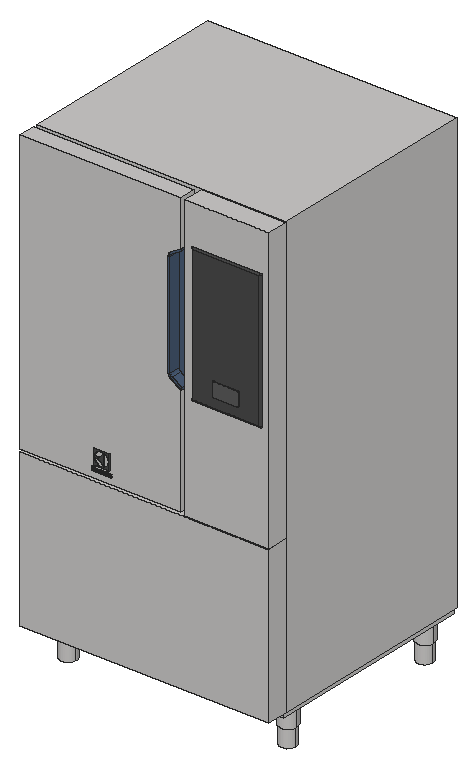
Revit family "QF_ELECTROLUXPROFESSIONAL_727735_EBFA11A", category Specialty Equipment, Revit 2018
Family settings
  Round Connector Dimension = Use Diameter
  Part Type = Normal
  Work Plane-Based = No
  Always vertical = Yes
  Cut with Voids When Loaded = No
  Shared = No
  Room Calculation Point = No
Parameters
  Weight = 0.00 kg
  Watts = 0 W
  Volts = 380 V
  URL Manufacturer = "http://professional.electrolux.com"
  URL = "http://professional.electrolux.com"
  Steam Supply Size = 0 mm
  Steam Supply Minimum Pressure = 0.0 Pa
  Steam Supply Maximum Pressure = 0.0 Pa
  Steam Pounds per Hour = 0
  Show Logo [instance] = yes
  Show Clearance [instance] = yes
  Refrigeration Suction Line Size = 0 mm
  Refrigeration Liquid Line Size = 0 mm
  Refrigerant Compressor Remote = yes
  Manufacturer = "Electrolux"
  Phase = 3
  Model = "EBFA11A"
  Length Actual = 895 mm  # constant formula
  Item Number = "727735"
  Hot Water Size = 0 mm
  Height Actual = 1731 mm  # constant formula
  HP = "5.6 HP"
  Gas Size = 0 mm
  Gas KW = 0
  Gas Input Pressure = 0 W
  Direct Waste Size = 139.7 mm
  Description = "BLAST CHILL/FRE 50KG 10GN1/1-60HZ LW-USB"
  Depth Actual = 939 mm  # constant formula
  Cycle = 60 Hz
  Condensate Return Size = 0 mm
  Compressed Air Volume = 0.0 L/s
  Compressed Air Size = 0 mm
  Compressed Air Pressure = 0.0 Pa
  Cold Water Size = 0 mm
  Accessory = yes
Reference planes
  plane 1 "Center X": y = 126.351
  plane 2: z = 0
  plane 3 "Center Y": x = -311.5
  plane 4 "LEFT": x = -759
  plane 5 "BACK": y = 547.851
  plane 6 "RIGHT": x = 136
  plane 7 "FRONT": y = -295.149
  plane 8: z = 130
  plane 9 "TOP": z = 1731
  plane 10: x = -707
  plane 11: y = 471.851
  plane 12: x = 84
  plane 13: y = -144.149
  plane 14: y = 639.851
  plane 15: y = -834.149
Forms (mm)
  Extrusion 1, solid, material "QF_Finishes_Stainless Steel"
    sketch origin (0, 0, 1731) x (-1, 0, 0) y (0, -1, 0)
      loop
        line (759, -547.851) -> (759, 219.149) -> (-136, 219.149) -> (-136, -547.851) -> (759, -547.851)
    from 0 to -1581
  Extrusion 2, solid, material "QF_Finishes_Stainless Steel"
    sketch origin (-759, -0.954, 258.709) x (0, 1, 0) y (0, 0, 1)
      loop
        line (548.805, 694.306) -> (548.805, 392.314) -> (633.5, 399.789)
        arc (633.5, 399.789) -> (638.702, 402.354) -> (640.805, 407.759) r 8
        line (640.805, 407.759) -> (640.805, 433.233)
        arc (640.805, 433.233) -> (636.783, 442.547) -> (640.805, 451.86) r 12.795
        line (640.805, 451.86) -> (640.805, 483.24)
        arc (640.805, 483.24) -> (636.783, 492.554) -> (640.805, 501.867) r 12.795
        line (640.805, 501.867) -> (640.805, 533.247)
        arc (640.805, 533.247) -> (636.783, 542.56) -> (640.805, 551.874) r 12.795
        line (640.805, 551.874) -> (640.805, 583.254)
        arc (640.805, 583.254) -> (636.783, 592.567) -> (640.805, 601.881) r 12.795
        line (640.805, 601.881) -> (640.805, 634.796)
        arc (640.805, 634.796) -> (639.466, 639.795) -> (635.808, 643.455) r 10
        line (635.808, 643.455) -> (548.805, 694.306)
    from 618.187 to 801.865
  Extrusion 3, solid, material "QF_Finishes_Stainless Steel"
    sketch origin (-54.727, 547.851, 2066) x (1, 0, 0) y (0, 0, -1)
      loop
        circle (121.727, 1473) r 10.5
    from 0 to 29
  Extrusion 4, solid, material "QF_Finishes_Stainless Steel"
    sketch origin (-1206.916, -1524, 130) x (-1, 0, 0) y (0, -1, 0)
      loop
        line (-447.916, -1228.851) -> (-1342.916, -1228.851) -> (-1342.916, -1303.851) -> (-447.916, -1303.851) -> (-447.916, -1228.851)
    from 580 to 20.02
  Extrusion 5, solid, material "QF_Finishes_Stainless Steel"
    sketch origin (-1206.916, -1524, 130) x (-1, 0, 0) y (0, -1, 0)
      loop
        line (-456.916, -2071.851) -> (-456.916, -1306.851) -> (-1333.916, -1306.851) -> (-1333.916, -2071.851) -> (-456.916, -2071.851)
    from 20 to 0
  Extrusion 6, solid, material "QF_Finishes_Stainless Steel"
    sketch origin (-1206.916, -1524, 130) x (0, -1, 0) y (-1, 0, 0)
      loop
        circle (-1673.851, -847.916) r 9.5
    from 0 to 31.68
  Extrusion 7, void
    sketch origin (1, 0, 1731) x (-1, 0, 0) y (0, -1, 0)
      loop
        line (132.09, -639.851) -> (141.813, -639.851) -> (141.813, -547.851) -> (140.183, -547.851) -> (132.09, -639.851)
      loop
        line (-40.234, -547.851) -> (-41.865, -547.851) -> (-41.865, -639.851) -> (-32.141, -639.851) -> (-40.234, -547.851)
    from -1080 to -770
  Extrusion 8, solid, material "QF_Finishes_Stainless Steel"
    sketch origin (-623, -295.149, 0) x (1, 0, 0) y (0, 0, -1)
      loop
        line (442.2, -1731) -> (442.2, -1568.97) -> (405.947, -1544.888)
        arc (405.947, -1544.888) -> (399.716, -1538.041) -> (397.46, -1529.062) r 19
        line (397.46, -1529.062) -> (397.46, -1154.149)
        arc (397.46, -1154.149) -> (399.839, -1144.688) -> (406.41, -1137.479) r 20
        line (406.41, -1137.479) -> (442.2, -1113.756) -> (442.2, -719.524) -> (-136, -719.524) -> (-136, -1731) -> (442.2, -1731)
    from 0 to 60
  Extrusion 9, solid, material "QF_Finishes_Stainless Steel"
    sketch origin (-623, 0, 1060.038) x (1, 0, 0) y (0, 1, 0)
      loop
        line (759, -295.149) -> (759, -220.149) -> (457, -220.149) -> (457, -295.149) -> (759, -295.149)
    from 670.962 to -349
  Extrusion 10, solid, material "QF_Door-Drawer Clearances", visible <- "Show Clearance", detail levels coarse
    sketch origin (-623, 0, 1060.038) x (1, 0, 0) y (0, 1, 0)
      loop
        line (-82, -295.149) -> (-82, -831.649)
        arc (-82, -831.649) -> (284.195, -665.108) -> (442.2, -295.149) r 556
        line (442.2, -295.149) -> (-82, -295.149)
    from -340.514 to 670.962
  Extrusion 11, solid, material "QF_Finishes_Stainless Steel"
    sketch origin (-632, -235.149, 600.072) x (1, 0, 0) y (0, 0, -1)
      loop
        line (406.46, -554.076) -> (406.46, -928.989)
        arc (406.46, -928.989) -> (408.716, -937.969) -> (414.947, -944.816) r 19
        line (414.947, -944.816) -> (451.2, -968.898) -> (451.2, -513.683) -> (415.41, -537.406)
        arc (415.41, -537.406) -> (408.839, -544.616) -> (406.46, -554.076) r 20
    from -21 to 0
  Extrusion 12, solid, material "QF_Finishes_Electrolux_Blue"
    sketch origin (-632, -295.149, 600.072) x (-1, 0, 0) y (0, 0, -1)
      loop
        line (-451.2, -968.898) -> (-414.947, -944.816)
        arc (-414.947, -944.816) -> (-408.716, -937.969) -> (-406.46, -928.989) r 19
        line (-406.46, -928.989) -> (-406.46, -554.076)
        arc (-406.46, -554.076) -> (-408.839, -544.616) -> (-415.41, -537.406) r 20
        line (-415.41, -537.406) -> (-451.2, -513.683) -> (-453.7, -513.683) -> (-453.7, -519.824) -> (-419.001, -542.824)
        arc (-419.001, -542.824) -> (-414.566, -547.691) -> (-412.96, -554.076) r 13.5
        line (-412.96, -554.076) -> (-412.96, -928.989)
        arc (-412.96, -928.989) -> (-414.444, -934.897) -> (-418.543, -939.401) r 12.5
        line (-418.543, -939.401) -> (-453.7, -962.755) -> (-453.7, -968.898) -> (-451.2, -968.898)
    from -39 to 1
  Extrusion 13, void
    sketch origin (136, -219.149, 1731) x (1, 0, 0) y (0, 0, -1)
      loop
        line (-366.8, 60) -> (-366.8, 962) -> (-834, 962) -> (-834, 60) -> (-366.8, 60)
    from 0 to 705
  Extrusion 14, solid, material "QF_Door-Drawer Clearances", visible <- "Show Clearance", detail levels coarse
    sketch origin (-765, -389.449, 0) x (0, -1, 0) y (0, 0, -1)
      loop
        line (442.2, -1731) -> (442.2, -1568.97) -> (405.947, -1544.888)
        arc (405.947, -1544.888) -> (399.716, -1538.041) -> (397.46, -1529.062) r 19
        line (397.46, -1529.062) -> (397.46, -1154.149)
        arc (397.46, -1154.149) -> (399.839, -1144.688) -> (406.41, -1137.479) r 20
        line (406.41, -1137.479) -> (442.2, -1113.756) -> (442.2, -719.524) -> (-94.3, -719.524) -> (-94.3, -1731) -> (442.2, -1731)
    from 0 to 60
  Extrusion 15, solid, material "QF_Door-Drawer Clearances", visible <- "Show Clearance", detail levels coarse
    sketch origin (-705, -380.449, 600.072) x (0, -1, 0) y (0, 0, -1)
      loop
        line (406.46, -554.076) -> (406.46, -928.989)
        arc (406.46, -928.989) -> (408.716, -937.969) -> (414.947, -944.816) r 19
        line (414.947, -944.816) -> (451.2, -968.898) -> (451.2, -513.683) -> (415.41, -537.406)
        arc (415.41, -537.406) -> (408.839, -544.616) -> (406.46, -554.076) r 20
    from -21 to 0
  Extrusion 16, solid, material "QF_Door-Drawer Clearances", visible <- "Show Clearance", detail levels coarse
    sketch origin (-765, -380.449, 600.072) x (0, 1, 0) y (0, 0, -1)
      loop
        line (-451.2, -968.898) -> (-414.947, -944.816)
        arc (-414.947, -944.816) -> (-408.716, -937.969) -> (-406.46, -928.989) r 19
        line (-406.46, -928.989) -> (-406.46, -554.076)
        arc (-406.46, -554.076) -> (-408.839, -544.616) -> (-415.41, -537.406) r 20
        line (-415.41, -537.406) -> (-451.2, -513.683) -> (-453.7, -513.683) -> (-453.7, -519.824) -> (-419.001, -542.824)
        arc (-419.001, -542.824) -> (-414.566, -547.691) -> (-412.96, -554.076) r 13.5
        line (-412.96, -554.076) -> (-412.96, -928.989)
        arc (-412.96, -928.989) -> (-414.444, -934.897) -> (-418.543, -939.401) r 12.5
        line (-418.543, -939.401) -> (-453.7, -962.755) -> (-453.7, -968.898) -> (-451.2, -968.898)
    from -39 to 1
Cuts and joins
  Extrusion 13 cuts Extrusion 1
  Extrusion 7, Extrusion 13 cuts Extrusion 2
  Extrusion 13 cuts Extrusion 3
  Extrusion 13 cuts Extrusion 5
  Extrusion 13 cuts Extrusion 6
  joined: Extrusion 1, Extrusion 2, Extrusion 3, Extrusion 5, Extrusion 6
  joined: Extrusion 10, Extrusion 14, Extrusion 15, Extrusion 16
Lines and regions (mm)
  Split face 1
    outline origin (594.146, -295.149, -365.12) x (-1, 0, 0) y (0, 0, -1)
      loop
        line (490.638, -548.639) -> (600.654, -548.639) -> (600.654, -543.665) -> (490.638, -543.665) -> (490.638, -548.639)
  Split face 2
    outline origin (594.146, -295.149, -355.62) x (-1, 0, 0) y (0, 0, -1)
      loop
        line (490.638, -548.639) -> (600.654, -548.639) -> (600.654, -543.665) -> (490.638, -543.665) -> (490.638, -548.639)
  Split face 3
    outline origin (594.146, -295.149, -346.12) x (-1, 0, 0) y (0, 0, -1)
      loop
        line (490.638, -548.639) -> (600.654, -548.639) -> (600.654, -543.665) -> (490.638, -543.665) -> (490.638, -548.639)
  Split face 4
    outline origin (594.146, -295.149, -336.62) x (-1, 0, 0) y (0, 0, -1)
      loop
        line (490.638, -548.639) -> (600.654, -548.639) -> (600.654, -543.665) -> (490.638, -543.665) -> (490.638, -548.639)
  Split face 5
    outline origin (594.146, -295.149, -327.12) x (-1, 0, 0) y (0, 0, -1)
      loop
        line (490.638, -548.639) -> (600.654, -548.639) -> (600.654, -543.665) -> (490.638, -543.665) -> (490.638, -548.639)
  Split face 6
    outline origin (594.146, -295.149, -317.619) x (-1, 0, 0) y (0, 0, -1)
      loop
        line (490.638, -548.639) -> (600.654, -548.639) -> (600.654, -543.665) -> (490.638, -543.665) -> (490.638, -548.639)
  Split face 7
    outline origin (594.146, -295.149, -308.119) x (-1, 0, 0) y (0, 0, -1)
      loop
        line (490.638, -548.639) -> (600.654, -548.639) -> (600.654, -543.665) -> (490.638, -543.665) -> (490.638, -548.639)
  Split face 8
    outline origin (594.146, -295.149, -298.619) x (-1, 0, 0) y (0, 0, -1)
      loop
        line (490.638, -548.639) -> (600.654, -548.639) -> (600.654, -543.665) -> (490.638, -543.665) -> (490.638, -548.639)
  Split face 9
    outline origin (594.146, -295.149, -289.119) x (-1, 0, 0) y (0, 0, -1)
      loop
        line (490.638, -548.639) -> (600.654, -548.639) -> (600.654, -543.665) -> (490.638, -543.665) -> (490.638, -548.639)
  Split face 10
    outline origin (594.146, -295.149, -279.619) x (-1, 0, 0) y (0, 0, -1)
      loop
        line (490.638, -548.639) -> (600.654, -548.639) -> (600.654, -543.665) -> (490.638, -543.665) -> (490.638, -548.639)
  Split face 11
    outline origin (594.146, -295.149, -270.119) x (-1, 0, 0) y (0, 0, -1)
      loop
        line (490.638, -548.639) -> (600.654, -548.639) -> (600.654, -543.665) -> (490.638, -543.665) -> (490.638, -548.639)
  Split face 12
    outline origin (594.146, -295.149, -260.619) x (-1, 0, 0) y (0, 0, -1)
      loop
        line (490.638, -548.639) -> (600.654, -548.639) -> (600.654, -543.665) -> (490.638, -543.665) -> (490.638, -548.639)
  Split face 13
    outline origin (594.146, -295.149, -251.119) x (-1, 0, 0) y (0, 0, -1)
      loop
        line (490.638, -548.639) -> (600.654, -548.639) -> (600.654, -543.665) -> (490.638, -543.665) -> (490.638, -548.639)
  Split face 14
    outline origin (594.146, -295.149, -241.619) x (-1, 0, 0) y (0, 0, -1)
      loop
        line (490.638, -548.639) -> (600.654, -548.639) -> (600.654, -543.665) -> (490.638, -543.665) -> (490.638, -548.639)
  Split face 15
    outline origin (594.146, -295.149, -232.119) x (-1, 0, 0) y (0, 0, -1)
      loop
        line (490.638, -548.639) -> (600.654, -548.639) -> (600.654, -543.665) -> (490.638, -543.665) -> (490.638, -548.639)
  Split face 16
    outline origin (594.146, -295.149, -222.619) x (-1, 0, 0) y (0, 0, -1)
      loop
        line (490.638, -548.639) -> (600.654, -548.639) -> (600.654, -543.665) -> (490.638, -543.665) -> (490.638, -548.639)
  Split face 17
    outline origin (594.146, -295.149, -213.119) x (-1, 0, 0) y (0, 0, -1)
      loop
        line (490.638, -548.639) -> (600.654, -548.639) -> (600.654, -543.665) -> (490.638, -543.665) -> (490.638, -548.639)
  Split face 18
    outline origin (594.146, -295.149, -203.619) x (-1, 0, 0) y (0, 0, -1)
      loop
        line (490.638, -548.639) -> (600.654, -548.639) -> (600.654, -543.665) -> (490.638, -543.665) -> (490.638, -548.639)
  Split face 19
    outline origin (594.146, -295.149, -194.118) x (-1, 0, 0) y (0, 0, -1)
      loop
        line (490.638, -548.639) -> (600.654, -548.639) -> (600.654, -543.665) -> (490.638, -543.665) -> (490.638, -548.639)
  Split face 20
    outline origin (594.146, -295.149, -184.618) x (-1, 0, 0) y (0, 0, -1)
      loop
        line (490.638, -548.639) -> (600.654, -548.639) -> (600.654, -543.665) -> (490.638, -543.665) -> (490.638, -548.639)
  Split face 21
    outline origin (594.146, -295.149, -175.118) x (-1, 0, 0) y (0, 0, -1)
      loop
        line (490.638, -548.639) -> (600.654, -548.639) -> (600.654, -543.665) -> (490.638, -543.665) -> (490.638, -548.639)
  Split face 22
    outline origin (594.146, -295.149, -165.618) x (-1, 0, 0) y (0, 0, -1)
      loop
        line (490.638, -548.639) -> (600.654, -548.639) -> (600.654, -543.665) -> (490.638, -543.665) -> (490.638, -548.639)
  Split face 23
    outline origin (594.146, -295.149, -156.118) x (-1, 0, 0) y (0, 0, -1)
      loop
        line (490.638, -548.639) -> (600.654, -548.639) -> (600.654, -543.665) -> (490.638, -543.665) -> (490.638, -548.639)
  Split face 24
    outline origin (594.146, -295.149, -146.618) x (-1, 0, 0) y (0, 0, -1)
      loop
        line (490.638, -548.639) -> (600.654, -548.639) -> (600.654, -543.665) -> (490.638, -543.665) -> (490.638, -548.639)
  Split face 25
    outline origin (594.146, -295.149, -137.118) x (-1, 0, 0) y (0, 0, -1)
      loop
        line (490.638, -548.639) -> (600.654, -548.639) -> (600.654, -543.665) -> (490.638, -543.665) -> (490.638, -548.639)
  Split face 26
    outline origin (594.146, -295.149, -127.618) x (-1, 0, 0) y (0, 0, -1)
      loop
        line (490.638, -548.639) -> (600.654, -548.639) -> (600.654, -543.665) -> (490.638, -543.665) -> (490.638, -548.639)
  Split face 27
    outline origin (594.146, -295.149, -118.118) x (-1, 0, 0) y (0, 0, -1)
      loop
        line (490.638, -548.639) -> (600.654, -548.639) -> (600.654, -543.665) -> (490.638, -543.665) -> (490.638, -548.639)
  Split face 28
    outline origin (594.146, -295.149, -108.618) x (-1, 0, 0) y (0, 0, -1)
      loop
        line (490.638, -548.639) -> (600.654, -548.639) -> (600.654, -543.665) -> (490.638, -543.665) -> (490.638, -548.639)
  Split face 29
    outline origin (594.146, -295.149, -99.118) x (-1, 0, 0) y (0, 0, -1)
      loop
        line (490.638, -548.639) -> (600.654, -548.639) -> (600.654, -543.665) -> (490.638, -543.665) -> (490.638, -548.639)
  Split face 30
    outline origin (594.146, -295.149, -89.618) x (-1, 0, 0) y (0, 0, -1)
      loop
        line (490.638, -548.639) -> (600.654, -548.639) -> (600.654, -543.665) -> (490.638, -543.665) -> (490.638, -548.639)
  Split face 31
    outline origin (594.146, -295.149, -80.117) x (-1, 0, 0) y (0, 0, -1)
      loop
        line (490.638, -548.639) -> (600.654, -548.639) -> (600.654, -543.665) -> (490.638, -543.665) -> (490.638, -548.639)
  Split face 32
    outline origin (594.146, -295.149, -70.617) x (-1, 0, 0) y (0, 0, -1)
      loop
        line (490.638, -548.639) -> (600.654, -548.639) -> (600.654, -543.665) -> (490.638, -543.665) -> (490.638, -548.639)
  Split face 33
    outline origin (594.146, -295.149, -61.117) x (-1, 0, 0) y (0, 0, -1)
      loop
        line (490.638, -548.639) -> (600.654, -548.639) -> (600.654, -543.665) -> (490.638, -543.665) -> (490.638, -548.639)
  Split face 34
    outline origin (594.146, -295.149, -51.617) x (-1, 0, 0) y (0, 0, -1)
      loop
        line (490.638, -548.639) -> (600.654, -548.639) -> (600.654, -543.665) -> (490.638, -543.665) -> (490.638, -548.639)
  Split face 35
    outline origin (594.146, -295.149, -42.117) x (-1, 0, 0) y (0, 0, -1)
      loop
        line (490.638, -548.639) -> (600.654, -548.639) -> (600.654, -543.665) -> (490.638, -543.665) -> (490.638, -548.639)
  Split face 36
    outline origin (594.146, -295.149, -32.617) x (-1, 0, 0) y (0, 0, -1)
      loop
        line (490.638, -548.639) -> (600.654, -548.639) -> (600.654, -543.665) -> (490.638, -543.665) -> (490.638, -548.639)
  Split face 37
    outline origin (594.146, -295.149, -23.117) x (-1, 0, 0) y (0, 0, -1)
      loop
        line (490.638, -548.639) -> (600.654, -548.639) -> (600.654, -543.665) -> (490.638, -543.665) -> (490.638, -548.639)
  Split face 38
    outline origin (594.146, -295.149, -13.617) x (-1, 0, 0) y (0, 0, -1)
      loop
        line (490.638, -548.639) -> (600.654, -548.639) -> (600.654, -543.665) -> (490.638, -543.665) -> (490.638, -548.639)
  Split face 39
    outline origin (594.146, -295.149, -4.117) x (-1, 0, 0) y (0, 0, -1)
      loop
        line (490.638, -548.639) -> (600.654, -548.639) -> (600.654, -543.665) -> (490.638, -543.665) -> (490.638, -548.639)
  Split face 40
    outline origin (594.146, -295.149, 5.383) x (-1, 0, 0) y (0, 0, -1)
      loop
        line (490.638, -548.639) -> (600.654, -548.639) -> (600.654, -543.665) -> (490.638, -543.665) -> (490.638, -548.639)
  Split face 41
    outline origin (594.146, -295.149, 14.883) x (-1, 0, 0) y (0, 0, -1)
      loop
        line (490.638, -548.639) -> (600.654, -548.639) -> (600.654, -543.665) -> (490.638, -543.665) -> (490.638, -548.639)
  Split face 42
    outline origin (474.155, -295.149, -365.12) x (-1, 0, 0) y (0, 0, -1)
      loop
        line (490.638, -548.639) -> (600.654, -548.639) -> (600.654, -543.665) -> (490.638, -543.665) -> (490.638, -548.639)
  Split face 43
    outline origin (474.155, -295.149, -355.62) x (-1, 0, 0) y (0, 0, -1)
      loop
        line (490.638, -548.639) -> (600.654, -548.639) -> (600.654, -543.665) -> (490.638, -543.665) -> (490.638, -548.639)
  Split face 44
    outline origin (474.155, -295.149, -346.12) x (-1, 0, 0) y (0, 0, -1)
      loop
        line (490.638, -548.639) -> (600.654, -548.639) -> (600.654, -543.665) -> (490.638, -543.665) -> (490.638, -548.639)
  Split face 45
    outline origin (474.155, -295.149, -336.62) x (-1, 0, 0) y (0, 0, -1)
      loop
        line (490.638, -548.639) -> (600.654, -548.639) -> (600.654, -543.665) -> (490.638, -543.665) -> (490.638, -548.639)
  Split face 46
    outline origin (474.155, -295.149, -327.12) x (-1, 0, 0) y (0, 0, -1)
      loop
        line (490.638, -548.639) -> (600.654, -548.639) -> (600.654, -543.665) -> (490.638, -543.665) -> (490.638, -548.639)
  Split face 47
    outline origin (474.155, -295.149, -317.619) x (-1, 0, 0) y (0, 0, -1)
      loop
        line (490.638, -548.639) -> (600.654, -548.639) -> (600.654, -543.665) -> (490.638, -543.665) -> (490.638, -548.639)
  Split face 48
    outline origin (474.155, -295.149, -308.119) x (-1, 0, 0) y (0, 0, -1)
      loop
        line (490.638, -548.639) -> (600.654, -548.639) -> (600.654, -543.665) -> (490.638, -543.665) -> (490.638, -548.639)
  Split face 49
    outline origin (474.155, -295.149, -298.619) x (-1, 0, 0) y (0, 0, -1)
      loop
        line (490.638, -548.639) -> (600.654, -548.639) -> (600.654, -543.665) -> (490.638, -543.665) -> (490.638, -548.639)
  Split face 50
    outline origin (474.155, -295.149, -289.119) x (-1, 0, 0) y (0, 0, -1)
      loop
        line (490.638, -548.639) -> (600.654, -548.639) -> (600.654, -543.665) -> (490.638, -543.665) -> (490.638, -548.639)
  Split face 51
    outline origin (474.155, -295.149, -279.619) x (-1, 0, 0) y (0, 0, -1)
      loop
        line (490.638, -548.639) -> (600.654, -548.639) -> (600.654, -543.665) -> (490.638, -543.665) -> (490.638, -548.639)
  Split face 52
    outline origin (474.155, -295.149, -270.119) x (-1, 0, 0) y (0, 0, -1)
      loop
        line (490.638, -548.639) -> (600.654, -548.639) -> (600.654, -543.665) -> (490.638, -543.665) -> (490.638, -548.639)
  Split face 53
    outline origin (474.155, -295.149, -260.619) x (-1, 0, 0) y (0, 0, -1)
      loop
        line (490.638, -548.639) -> (600.654, -548.639) -> (600.654, -543.665) -> (490.638, -543.665) -> (490.638, -548.639)
  Split face 54
    outline origin (474.155, -295.149, -251.119) x (-1, 0, 0) y (0, 0, -1)
      loop
        line (490.638, -548.639) -> (600.654, -548.639) -> (600.654, -543.665) -> (490.638, -543.665) -> (490.638, -548.639)
  Split face 55
    outline origin (474.155, -295.149, -241.619) x (-1, 0, 0) y (0, 0, -1)
      loop
        line (490.638, -548.639) -> (600.654, -548.639) -> (600.654, -543.665) -> (490.638, -543.665) -> (490.638, -548.639)
  Split face 56
    outline origin (474.155, -295.149, -232.119) x (-1, 0, 0) y (0, 0, -1)
      loop
        line (490.638, -548.639) -> (600.654, -548.639) -> (600.654, -543.665) -> (490.638, -543.665) -> (490.638, -548.639)
  Split face 57
    outline origin (474.155, -295.149, -222.619) x (-1, 0, 0) y (0, 0, -1)
      loop
        line (490.638, -548.639) -> (600.654, -548.639) -> (600.654, -543.665) -> (490.638, -543.665) -> (490.638, -548.639)
  Split face 58
    outline origin (474.155, -295.149, -213.119) x (-1, 0, 0) y (0, 0, -1)
      loop
        line (490.638, -548.639) -> (600.654, -548.639) -> (600.654, -543.665) -> (490.638, -543.665) -> (490.638, -548.639)
  Split face 59
    outline origin (474.155, -295.149, -203.619) x (-1, 0, 0) y (0, 0, -1)
      loop
        line (490.638, -548.639) -> (600.654, -548.639) -> (600.654, -543.665) -> (490.638, -543.665) -> (490.638, -548.639)
  Split face 60
    outline origin (474.155, -295.149, -194.118) x (-1, 0, 0) y (0, 0, -1)
      loop
        line (490.638, -548.639) -> (600.654, -548.639) -> (600.654, -543.665) -> (490.638, -543.665) -> (490.638, -548.639)
  Split face 61
    outline origin (474.155, -295.149, -184.618) x (-1, 0, 0) y (0, 0, -1)
      loop
        line (490.638, -548.639) -> (600.654, -548.639) -> (600.654, -543.665) -> (490.638, -543.665) -> (490.638, -548.639)
  Split face 62
    outline origin (474.155, -295.149, -175.118) x (-1, 0, 0) y (0, 0, -1)
      loop
        line (490.638, -548.639) -> (600.654, -548.639) -> (600.654, -543.665) -> (490.638, -543.665) -> (490.638, -548.639)
  Split face 63
    outline origin (474.155, -295.149, -165.618) x (-1, 0, 0) y (0, 0, -1)
      loop
        line (490.638, -548.639) -> (600.654, -548.639) -> (600.654, -543.665) -> (490.638, -543.665) -> (490.638, -548.639)
  Split face 64
    outline origin (474.155, -295.149, -156.118) x (-1, 0, 0) y (0, 0, -1)
      loop
        line (490.638, -548.639) -> (600.654, -548.639) -> (600.654, -543.665) -> (490.638, -543.665) -> (490.638, -548.639)
  Split face 65
    outline origin (474.155, -295.149, -146.618) x (-1, 0, 0) y (0, 0, -1)
      loop
        line (490.638, -548.639) -> (600.654, -548.639) -> (600.654, -543.665) -> (490.638, -543.665) -> (490.638, -548.639)
  Split face 66
    outline origin (474.155, -295.149, -137.118) x (-1, 0, 0) y (0, 0, -1)
      loop
        line (490.638, -548.639) -> (600.654, -548.639) -> (600.654, -543.665) -> (490.638, -543.665) -> (490.638, -548.639)
  Split face 67
    outline origin (474.155, -295.149, -127.618) x (-1, 0, 0) y (0, 0, -1)
      loop
        line (490.638, -548.639) -> (600.654, -548.639) -> (600.654, -543.665) -> (490.638, -543.665) -> (490.638, -548.639)
  Split face 68
    outline origin (474.155, -295.149, -118.118) x (-1, 0, 0) y (0, 0, -1)
      loop
        line (490.638, -548.639) -> (600.654, -548.639) -> (600.654, -543.665) -> (490.638, -543.665) -> (490.638, -548.639)
  Split face 69
    outline origin (474.155, -295.149, -108.618) x (-1, 0, 0) y (0, 0, -1)
      loop
        line (490.638, -548.639) -> (600.654, -548.639) -> (600.654, -543.665) -> (490.638, -543.665) -> (490.638, -548.639)
  Split face 70
    outline origin (474.155, -295.149, -99.118) x (-1, 0, 0) y (0, 0, -1)
      loop
        line (490.638, -548.639) -> (600.654, -548.639) -> (600.654, -543.665) -> (490.638, -543.665) -> (490.638, -548.639)
  Split face 71
    outline origin (474.155, -295.149, -89.618) x (-1, 0, 0) y (0, 0, -1)
      loop
        line (490.638, -548.639) -> (600.654, -548.639) -> (600.654, -543.665) -> (490.638, -543.665) -> (490.638, -548.639)
  Split face 72
    outline origin (474.155, -295.149, -80.117) x (-1, 0, 0) y (0, 0, -1)
      loop
        line (490.638, -548.639) -> (600.654, -548.639) -> (600.654, -543.665) -> (490.638, -543.665) -> (490.638, -548.639)
  Split face 73
    outline origin (474.155, -295.149, -70.617) x (-1, 0, 0) y (0, 0, -1)
      loop
        line (490.638, -548.639) -> (600.654, -548.639) -> (600.654, -543.665) -> (490.638, -543.665) -> (490.638, -548.639)
  Split face 74
    outline origin (474.155, -295.149, -61.117) x (-1, 0, 0) y (0, 0, -1)
      loop
        line (490.638, -548.639) -> (600.654, -548.639) -> (600.654, -543.665) -> (490.638, -543.665) -> (490.638, -548.639)
  Split face 75
    outline origin (474.155, -295.149, -51.617) x (-1, 0, 0) y (0, 0, -1)
      loop
        line (490.638, -548.639) -> (600.654, -548.639) -> (600.654, -543.665) -> (490.638, -543.665) -> (490.638, -548.639)
  Split face 76
    outline origin (474.155, -295.149, -42.117) x (-1, 0, 0) y (0, 0, -1)
      loop
        line (490.638, -548.639) -> (600.654, -548.639) -> (600.654, -543.665) -> (490.638, -543.665) -> (490.638, -548.639)
  Split face 77
    outline origin (474.155, -295.149, -32.617) x (-1, 0, 0) y (0, 0, -1)
      loop
        line (490.638, -548.639) -> (600.654, -548.639) -> (600.654, -543.665) -> (490.638, -543.665) -> (490.638, -548.639)
  Split face 78
    outline origin (474.155, -295.149, -23.117) x (-1, 0, 0) y (0, 0, -1)
      loop
        line (490.638, -548.639) -> (600.654, -548.639) -> (600.654, -543.665) -> (490.638, -543.665) -> (490.638, -548.639)
  Split face 79
    outline origin (474.155, -295.149, -13.617) x (-1, 0, 0) y (0, 0, -1)
      loop
        line (490.638, -548.639) -> (600.654, -548.639) -> (600.654, -543.665) -> (490.638, -543.665) -> (490.638, -548.639)
  Split face 80
    outline origin (474.155, -295.149, -4.117) x (-1, 0, 0) y (0, 0, -1)
      loop
        line (490.638, -548.639) -> (600.654, -548.639) -> (600.654, -543.665) -> (490.638, -543.665) -> (490.638, -548.639)
  Split face 81
    outline origin (474.155, -295.149, 5.383) x (-1, 0, 0) y (0, 0, -1)
      loop
        line (490.638, -548.639) -> (600.654, -548.639) -> (600.654, -543.665) -> (490.638, -543.665) -> (490.638, -548.639)
  Split face 82
    outline origin (474.155, -295.149, 14.883) x (-1, 0, 0) y (0, 0, -1)
      loop
        line (490.638, -548.639) -> (600.654, -548.639) -> (600.654, -543.665) -> (490.638, -543.665) -> (490.638, -548.639)
  Split face 83
    outline origin (354.164, -295.149, -365.12) x (-1, 0, 0) y (0, 0, -1)
      loop
        line (490.638, -548.639) -> (600.654, -548.639) -> (600.654, -543.665) -> (490.638, -543.665) -> (490.638, -548.639)
  Split face 84
    outline origin (354.164, -295.149, -355.62) x (-1, 0, 0) y (0, 0, -1)
      loop
        line (490.638, -548.639) -> (600.654, -548.639) -> (600.654, -543.665) -> (490.638, -543.665) -> (490.638, -548.639)
  Split face 85
    outline origin (354.164, -295.149, -346.12) x (-1, 0, 0) y (0, 0, -1)
      loop
        line (490.638, -548.639) -> (600.654, -548.639) -> (600.654, -543.665) -> (490.638, -543.665) -> (490.638, -548.639)
  Split face 86
    outline origin (354.164, -295.149, -336.62) x (-1, 0, 0) y (0, 0, -1)
      loop
        line (490.638, -548.639) -> (600.654, -548.639) -> (600.654, -543.665) -> (490.638, -543.665) -> (490.638, -548.639)
  Split face 87
    outline origin (354.164, -295.149, -327.12) x (-1, 0, 0) y (0, 0, -1)
      loop
        line (490.638, -548.639) -> (600.654, -548.639) -> (600.654, -543.665) -> (490.638, -543.665) -> (490.638, -548.639)
  Split face 88
    outline origin (354.164, -295.149, -317.619) x (-1, 0, 0) y (0, 0, -1)
      loop
        line (490.638, -548.639) -> (600.654, -548.639) -> (600.654, -543.665) -> (490.638, -543.665) -> (490.638, -548.639)
  Split face 89
    outline origin (354.164, -295.149, -308.119) x (-1, 0, 0) y (0, 0, -1)
      loop
        line (490.638, -548.639) -> (600.654, -548.639) -> (600.654, -543.665) -> (490.638, -543.665) -> (490.638, -548.639)
  Split face 90
    outline origin (354.164, -295.149, -298.619) x (-1, 0, 0) y (0, 0, -1)
      loop
        line (490.638, -548.639) -> (600.654, -548.639) -> (600.654, -543.665) -> (490.638, -543.665) -> (490.638, -548.639)
  Split face 91
    outline origin (354.164, -295.149, -289.119) x (-1, 0, 0) y (0, 0, -1)
      loop
        line (490.638, -548.639) -> (600.654, -548.639) -> (600.654, -543.665) -> (490.638, -543.665) -> (490.638, -548.639)
  Split face 92
    outline origin (354.164, -295.149, -279.619) x (-1, 0, 0) y (0, 0, -1)
      loop
        line (490.638, -548.639) -> (600.654, -548.639) -> (600.654, -543.665) -> (490.638, -543.665) -> (490.638, -548.639)
  Split face 93
    outline origin (354.164, -295.149, -270.119) x (-1, 0, 0) y (0, 0, -1)
      loop
        line (490.638, -548.639) -> (600.654, -548.639) -> (600.654, -543.665) -> (490.638, -543.665) -> (490.638, -548.639)
  Split face 94
    outline origin (354.164, -295.149, -260.619) x (-1, 0, 0) y (0, 0, -1)
      loop
        line (490.638, -548.639) -> (600.654, -548.639) -> (600.654, -543.665) -> (490.638, -543.665) -> (490.638, -548.639)
  Split face 95
    outline origin (354.164, -295.149, -251.119) x (-1, 0, 0) y (0, 0, -1)
      loop
        line (490.638, -548.639) -> (600.654, -548.639) -> (600.654, -543.665) -> (490.638, -543.665) -> (490.638, -548.639)
  Split face 96
    outline origin (354.164, -295.149, -241.619) x (-1, 0, 0) y (0, 0, -1)
      loop
        line (490.638, -548.639) -> (600.654, -548.639) -> (600.654, -543.665) -> (490.638, -543.665) -> (490.638, -548.639)
  Split face 97
    outline origin (354.164, -295.149, -232.119) x (-1, 0, 0) y (0, 0, -1)
      loop
        line (490.638, -548.639) -> (600.654, -548.639) -> (600.654, -543.665) -> (490.638, -543.665) -> (490.638, -548.639)
  Split face 98
    outline origin (354.164, -295.149, -222.619) x (-1, 0, 0) y (0, 0, -1)
      loop
        line (490.638, -548.639) -> (600.654, -548.639) -> (600.654, -543.665) -> (490.638, -543.665) -> (490.638, -548.639)
  Split face 99
    outline origin (354.164, -295.149, -213.119) x (-1, 0, 0) y (0, 0, -1)
      loop
        line (490.638, -548.639) -> (600.654, -548.639) -> (600.654, -543.665) -> (490.638, -543.665) -> (490.638, -548.639)
  Split face 100
    outline origin (354.164, -295.149, -203.619) x (-1, 0, 0) y (0, 0, -1)
      loop
        line (490.638, -548.639) -> (600.654, -548.639) -> (600.654, -543.665) -> (490.638, -543.665) -> (490.638, -548.639)
  Split face 101
    outline origin (354.164, -295.149, -194.118) x (-1, 0, 0) y (0, 0, -1)
      loop
        line (490.638, -548.639) -> (600.654, -548.639) -> (600.654, -543.665) -> (490.638, -543.665) -> (490.638, -548.639)
  Split face 102
    outline origin (354.164, -295.149, -184.618) x (-1, 0, 0) y (0, 0, -1)
      loop
        line (490.638, -548.639) -> (600.654, -548.639) -> (600.654, -543.665) -> (490.638, -543.665) -> (490.638, -548.639)
  Split face 103
    outline origin (354.164, -295.149, -175.118) x (-1, 0, 0) y (0, 0, -1)
      loop
        line (490.638, -548.639) -> (600.654, -548.639) -> (600.654, -543.665) -> (490.638, -543.665) -> (490.638, -548.639)
  Split face 104
    outline origin (354.164, -295.149, -165.618) x (-1, 0, 0) y (0, 0, -1)
      loop
        line (490.638, -548.639) -> (600.654, -548.639) -> (600.654, -543.665) -> (490.638, -543.665) -> (490.638, -548.639)
  Split face 105
    outline origin (354.164, -295.149, -156.118) x (-1, 0, 0) y (0, 0, -1)
      loop
        line (490.638, -548.639) -> (600.654, -548.639) -> (600.654, -543.665) -> (490.638, -543.665) -> (490.638, -548.639)
  Split face 106
    outline origin (354.164, -295.149, -146.618) x (-1, 0, 0) y (0, 0, -1)
      loop
        line (490.638, -548.639) -> (600.654, -548.639) -> (600.654, -543.665) -> (490.638, -543.665) -> (490.638, -548.639)
  Split face 107
    outline origin (354.164, -295.149, -137.118) x (-1, 0, 0) y (0, 0, -1)
      loop
        line (490.638, -548.639) -> (600.654, -548.639) -> (600.654, -543.665) -> (490.638, -543.665) -> (490.638, -548.639)
  Split face 108
    outline origin (354.164, -295.149, -127.618) x (-1, 0, 0) y (0, 0, -1)
      loop
        line (490.638, -548.639) -> (600.654, -548.639) -> (600.654, -543.665) -> (490.638, -543.665) -> (490.638, -548.639)
  Split face 109
    outline origin (354.164, -295.149, -118.118) x (-1, 0, 0) y (0, 0, -1)
      loop
        line (490.638, -548.639) -> (600.654, -548.639) -> (600.654, -543.665) -> (490.638, -543.665) -> (490.638, -548.639)
  Split face 110
    outline origin (354.164, -295.149, -108.618) x (-1, 0, 0) y (0, 0, -1)
      loop
        line (490.638, -548.639) -> (600.654, -548.639) -> (600.654, -543.665) -> (490.638, -543.665) -> (490.638, -548.639)
  Split face 111
    outline origin (354.164, -295.149, -99.118) x (-1, 0, 0) y (0, 0, -1)
      loop
        line (490.638, -548.639) -> (600.654, -548.639) -> (600.654, -543.665) -> (490.638, -543.665) -> (490.638, -548.639)
  Split face 112
    outline origin (354.164, -295.149, -89.618) x (-1, 0, 0) y (0, 0, -1)
      loop
        line (490.638, -548.639) -> (600.654, -548.639) -> (600.654, -543.665) -> (490.638, -543.665) -> (490.638, -548.639)
  Split face 113
    outline origin (354.164, -295.149, -80.117) x (-1, 0, 0) y (0, 0, -1)
      loop
        line (490.638, -548.639) -> (600.654, -548.639) -> (600.654, -543.665) -> (490.638, -543.665) -> (490.638, -548.639)
  Split face 114
    outline origin (354.164, -295.149, -70.617) x (-1, 0, 0) y (0, 0, -1)
      loop
        line (490.638, -548.639) -> (600.654, -548.639) -> (600.654, -543.665) -> (490.638, -543.665) -> (490.638, -548.639)
  Split face 115
    outline origin (354.164, -295.149, -61.117) x (-1, 0, 0) y (0, 0, -1)
      loop
        line (490.638, -548.639) -> (600.654, -548.639) -> (600.654, -543.665) -> (490.638, -543.665) -> (490.638, -548.639)
  Split face 116
    outline origin (354.164, -295.149, -51.617) x (-1, 0, 0) y (0, 0, -1)
      loop
        line (490.638, -548.639) -> (600.654, -548.639) -> (600.654, -543.665) -> (490.638, -543.665) -> (490.638, -548.639)
  Split face 117
    outline origin (354.164, -295.149, -42.117) x (-1, 0, 0) y (0, 0, -1)
      loop
        line (490.638, -548.639) -> (600.654, -548.639) -> (600.654, -543.665) -> (490.638, -543.665) -> (490.638, -548.639)
  Split face 118
    outline origin (354.164, -295.149, -32.617) x (-1, 0, 0) y (0, 0, -1)
      loop
        line (490.638, -548.639) -> (600.654, -548.639) -> (600.654, -543.665) -> (490.638, -543.665) -> (490.638, -548.639)
  Split face 119
    outline origin (354.164, -295.149, -23.117) x (-1, 0, 0) y (0, 0, -1)
      loop
        line (490.638, -548.639) -> (600.654, -548.639) -> (600.654, -543.665) -> (490.638, -543.665) -> (490.638, -548.639)
  Split face 120
    outline origin (354.164, -295.149, -13.617) x (-1, 0, 0) y (0, 0, -1)
      loop
        line (490.638, -548.639) -> (600.654, -548.639) -> (600.654, -543.665) -> (490.638, -543.665) -> (490.638, -548.639)
  Split face 121
    outline origin (354.164, -295.149, -4.117) x (-1, 0, 0) y (0, 0, -1)
      loop
        line (490.638, -548.639) -> (600.654, -548.639) -> (600.654, -543.665) -> (490.638, -543.665) -> (490.638, -548.639)
  Split face 122
    outline origin (354.164, -295.149, 5.383) x (-1, 0, 0) y (0, 0, -1)
      loop
        line (490.638, -548.639) -> (600.654, -548.639) -> (600.654, -543.665) -> (490.638, -543.665) -> (490.638, -548.639)
  Split face 123
    outline origin (354.164, -295.149, 14.883) x (-1, 0, 0) y (0, 0, -1)
      loop
        line (490.638, -548.639) -> (600.654, -548.639) -> (600.654, -543.665) -> (490.638, -543.665) -> (490.638, -548.639)
  Split face 124
    outline origin (234.172, -295.149, -365.12) x (-1, 0, 0) y (0, 0, -1)
      loop
        line (490.638, -548.639) -> (600.654, -548.639) -> (600.654, -543.665) -> (490.638, -543.665) -> (490.638, -548.639)
  Split face 125
    outline origin (234.172, -295.149, -355.62) x (-1, 0, 0) y (0, 0, -1)
      loop
        line (490.638, -548.639) -> (600.654, -548.639) -> (600.654, -543.665) -> (490.638, -543.665) -> (490.638, -548.639)
  Split face 126
    outline origin (234.172, -295.149, -346.12) x (-1, 0, 0) y (0, 0, -1)
      loop
        line (490.638, -548.639) -> (600.654, -548.639) -> (600.654, -543.665) -> (490.638, -543.665) -> (490.638, -548.639)
  Split face 127
    outline origin (234.172, -295.149, -336.62) x (-1, 0, 0) y (0, 0, -1)
      loop
        line (490.638, -548.639) -> (600.654, -548.639) -> (600.654, -543.665) -> (490.638, -543.665) -> (490.638, -548.639)
  Split face 128
    outline origin (234.172, -295.149, -327.12) x (-1, 0, 0) y (0, 0, -1)
      loop
        line (490.638, -548.639) -> (600.654, -548.639) -> (600.654, -543.665) -> (490.638, -543.665) -> (490.638, -548.639)
  Split face 129
    outline origin (234.172, -295.149, -317.619) x (-1, 0, 0) y (0, 0, -1)
      loop
        line (490.638, -548.639) -> (600.654, -548.639) -> (600.654, -543.665) -> (490.638, -543.665) -> (490.638, -548.639)
  Split face 130
    outline origin (234.172, -295.149, -308.119) x (-1, 0, 0) y (0, 0, -1)
      loop
        line (490.638, -548.639) -> (600.654, -548.639) -> (600.654, -543.665) -> (490.638, -543.665) -> (490.638, -548.639)
  Split face 131
    outline origin (234.172, -295.149, -298.619) x (-1, 0, 0) y (0, 0, -1)
      loop
        line (490.638, -548.639) -> (600.654, -548.639) -> (600.654, -543.665) -> (490.638, -543.665) -> (490.638, -548.639)
  Split face 132
    outline origin (234.172, -295.149, -289.119) x (-1, 0, 0) y (0, 0, -1)
      loop
        line (490.638, -548.639) -> (600.654, -548.639) -> (600.654, -543.665) -> (490.638, -543.665) -> (490.638, -548.639)
  Split face 133
    outline origin (234.172, -295.149, -279.619) x (-1, 0, 0) y (0, 0, -1)
      loop
        line (490.638, -548.639) -> (600.654, -548.639) -> (600.654, -543.665) -> (490.638, -543.665) -> (490.638, -548.639)
  Split face 134
    outline origin (234.172, -295.149, -270.119) x (-1, 0, 0) y (0, 0, -1)
      loop
        line (490.638, -548.639) -> (600.654, -548.639) -> (600.654, -543.665) -> (490.638, -543.665) -> (490.638, -548.639)
  Split face 135
    outline origin (234.172, -295.149, -260.619) x (-1, 0, 0) y (0, 0, -1)
      loop
        line (490.638, -548.639) -> (600.654, -548.639) -> (600.654, -543.665) -> (490.638, -543.665) -> (490.638, -548.639)
  Split face 136
    outline origin (234.172, -295.149, -251.119) x (-1, 0, 0) y (0, 0, -1)
      loop
        line (490.638, -548.639) -> (600.654, -548.639) -> (600.654, -543.665) -> (490.638, -543.665) -> (490.638, -548.639)
  Split face 137
    outline origin (234.172, -295.149, -241.619) x (-1, 0, 0) y (0, 0, -1)
      loop
        line (490.638, -548.639) -> (600.654, -548.639) -> (600.654, -543.665) -> (490.638, -543.665) -> (490.638, -548.639)
  Split face 138
    outline origin (234.172, -295.149, -232.119) x (-1, 0, 0) y (0, 0, -1)
      loop
        line (490.638, -548.639) -> (600.654, -548.639) -> (600.654, -543.665) -> (490.638, -543.665) -> (490.638, -548.639)
  Split face 139
    outline origin (234.172, -295.149, -222.619) x (-1, 0, 0) y (0, 0, -1)
      loop
        line (490.638, -548.639) -> (600.654, -548.639) -> (600.654, -543.665) -> (490.638, -543.665) -> (490.638, -548.639)
  Split face 140
    outline origin (234.172, -295.149, -213.119) x (-1, 0, 0) y (0, 0, -1)
      loop
        line (490.638, -548.639) -> (600.654, -548.639) -> (600.654, -543.665) -> (490.638, -543.665) -> (490.638, -548.639)
  Split face 141
    outline origin (234.172, -295.149, -203.619) x (-1, 0, 0) y (0, 0, -1)
      loop
        line (490.638, -548.639) -> (600.654, -548.639) -> (600.654, -543.665) -> (490.638, -543.665) -> (490.638, -548.639)
  Split face 142
    outline origin (234.172, -295.149, -194.118) x (-1, 0, 0) y (0, 0, -1)
      loop
        line (490.638, -548.639) -> (600.654, -548.639) -> (600.654, -543.665) -> (490.638, -543.665) -> (490.638, -548.639)
  Split face 143
    outline origin (234.172, -295.149, -184.618) x (-1, 0, 0) y (0, 0, -1)
      loop
        line (490.638, -548.639) -> (600.654, -548.639) -> (600.654, -543.665) -> (490.638, -543.665) -> (490.638, -548.639)
  Split face 144
    outline origin (234.172, -295.149, -175.118) x (-1, 0, 0) y (0, 0, -1)
      loop
        line (490.638, -548.639) -> (600.654, -548.639) -> (600.654, -543.665) -> (490.638, -543.665) -> (490.638, -548.639)
  Split face 145
    outline origin (234.172, -295.149, -165.618) x (-1, 0, 0) y (0, 0, -1)
      loop
        line (490.638, -548.639) -> (600.654, -548.639) -> (600.654, -543.665) -> (490.638, -543.665) -> (490.638, -548.639)
  Split face 146
    outline origin (234.172, -295.149, -156.118) x (-1, 0, 0) y (0, 0, -1)
      loop
        line (490.638, -548.639) -> (600.654, -548.639) -> (600.654, -543.665) -> (490.638, -543.665) -> (490.638, -548.639)
  Split face 147
    outline origin (234.172, -295.149, -146.618) x (-1, 0, 0) y (0, 0, -1)
      loop
        line (490.638, -548.639) -> (600.654, -548.639) -> (600.654, -543.665) -> (490.638, -543.665) -> (490.638, -548.639)
  Split face 148
    outline origin (234.172, -295.149, -137.118) x (-1, 0, 0) y (0, 0, -1)
      loop
        line (490.638, -548.639) -> (600.654, -548.639) -> (600.654, -543.665) -> (490.638, -543.665) -> (490.638, -548.639)
  Split face 149
    outline origin (234.172, -295.149, -127.618) x (-1, 0, 0) y (0, 0, -1)
      loop
        line (490.638, -548.639) -> (600.654, -548.639) -> (600.654, -543.665) -> (490.638, -543.665) -> (490.638, -548.639)
  Split face 150
    outline origin (234.172, -295.149, -118.118) x (-1, 0, 0) y (0, 0, -1)
      loop
        line (490.638, -548.639) -> (600.654, -548.639) -> (600.654, -543.665) -> (490.638, -543.665) -> (490.638, -548.639)
  Split face 151
    outline origin (234.172, -295.149, -108.618) x (-1, 0, 0) y (0, 0, -1)
      loop
        line (490.638, -548.639) -> (600.654, -548.639) -> (600.654, -543.665) -> (490.638, -543.665) -> (490.638, -548.639)
  Split face 152
    outline origin (234.172, -295.149, -99.118) x (-1, 0, 0) y (0, 0, -1)
      loop
        line (490.638, -548.639) -> (600.654, -548.639) -> (600.654, -543.665) -> (490.638, -543.665) -> (490.638, -548.639)
  Split face 153
    outline origin (234.172, -295.149, -89.618) x (-1, 0, 0) y (0, 0, -1)
      loop
        line (490.638, -548.639) -> (600.654, -548.639) -> (600.654, -543.665) -> (490.638, -543.665) -> (490.638, -548.639)
  Split face 154
    outline origin (234.172, -295.149, -80.117) x (-1, 0, 0) y (0, 0, -1)
      loop
        line (490.638, -548.639) -> (600.654, -548.639) -> (600.654, -543.665) -> (490.638, -543.665) -> (490.638, -548.639)
  Split face 155
    outline origin (234.172, -295.149, -70.617) x (-1, 0, 0) y (0, 0, -1)
      loop
        line (490.638, -548.639) -> (600.654, -548.639) -> (600.654, -543.665) -> (490.638, -543.665) -> (490.638, -548.639)
  Split face 156
    outline origin (234.172, -295.149, -61.117) x (-1, 0, 0) y (0, 0, -1)
      loop
        line (490.638, -548.639) -> (600.654, -548.639) -> (600.654, -543.665) -> (490.638, -543.665) -> (490.638, -548.639)
  Split face 157
    outline origin (234.172, -295.149, -51.617) x (-1, 0, 0) y (0, 0, -1)
      loop
        line (490.638, -548.639) -> (600.654, -548.639) -> (600.654, -543.665) -> (490.638, -543.665) -> (490.638, -548.639)
  Split face 158
    outline origin (234.172, -295.149, -42.117) x (-1, 0, 0) y (0, 0, -1)
      loop
        line (490.638, -548.639) -> (600.654, -548.639) -> (600.654, -543.665) -> (490.638, -543.665) -> (490.638, -548.639)
  Split face 159
    outline origin (234.172, -295.149, -32.617) x (-1, 0, 0) y (0, 0, -1)
      loop
        line (490.638, -548.639) -> (600.654, -548.639) -> (600.654, -543.665) -> (490.638, -543.665) -> (490.638, -548.639)
  Split face 160
    outline origin (234.172, -295.149, -23.117) x (-1, 0, 0) y (0, 0, -1)
      loop
        line (490.638, -548.639) -> (600.654, -548.639) -> (600.654, -543.665) -> (490.638, -543.665) -> (490.638, -548.639)
  Split face 161
    outline origin (234.172, -295.149, -13.617) x (-1, 0, 0) y (0, 0, -1)
      loop
        line (490.638, -548.639) -> (600.654, -548.639) -> (600.654, -543.665) -> (490.638, -543.665) -> (490.638, -548.639)
  Split face 162
    outline origin (234.172, -295.149, -4.117) x (-1, 0, 0) y (0, 0, -1)
      loop
        line (490.638, -548.639) -> (600.654, -548.639) -> (600.654, -543.665) -> (490.638, -543.665) -> (490.638, -548.639)
  Split face 163
    outline origin (234.172, -295.149, 5.383) x (-1, 0, 0) y (0, 0, -1)
      loop
        line (490.638, -548.639) -> (600.654, -548.639) -> (600.654, -543.665) -> (490.638, -543.665) -> (490.638, -548.639)
  Split face 164
    outline origin (234.172, -295.149, 14.883) x (-1, 0, 0) y (0, 0, -1)
      loop
        line (490.638, -548.639) -> (600.654, -548.639) -> (600.654, -543.665) -> (490.638, -543.665) -> (490.638, -548.639)
  Split face 165
    outline origin (114.181, -295.149, -365.12) x (-1, 0, 0) y (0, 0, -1)
      loop
        line (490.638, -548.639) -> (600.654, -548.639) -> (600.654, -543.665) -> (490.638, -543.665) -> (490.638, -548.639)
  Split face 166
    outline origin (114.181, -295.149, -355.62) x (-1, 0, 0) y (0, 0, -1)
      loop
        line (490.638, -548.639) -> (600.654, -548.639) -> (600.654, -543.665) -> (490.638, -543.665) -> (490.638, -548.639)
  Split face 167
    outline origin (114.181, -295.149, -346.12) x (-1, 0, 0) y (0, 0, -1)
      loop
        line (490.638, -548.639) -> (600.654, -548.639) -> (600.654, -543.665) -> (490.638, -543.665) -> (490.638, -548.639)
  Split face 168
    outline origin (114.181, -295.149, -336.62) x (-1, 0, 0) y (0, 0, -1)
      loop
        line (490.638, -548.639) -> (600.654, -548.639) -> (600.654, -543.665) -> (490.638, -543.665) -> (490.638, -548.639)
  Split face 169
    outline origin (114.181, -295.149, -327.12) x (-1, 0, 0) y (0, 0, -1)
      loop
        line (490.638, -548.639) -> (600.654, -548.639) -> (600.654, -543.665) -> (490.638, -543.665) -> (490.638, -548.639)
  Split face 170
    outline origin (114.181, -295.149, -317.619) x (-1, 0, 0) y (0, 0, -1)
      loop
        line (490.638, -548.639) -> (600.654, -548.639) -> (600.654, -543.665) -> (490.638, -543.665) -> (490.638, -548.639)
  Split face 171
    outline origin (114.181, -295.149, -308.119) x (-1, 0, 0) y (0, 0, -1)
      loop
        line (490.638, -548.639) -> (600.654, -548.639) -> (600.654, -543.665) -> (490.638, -543.665) -> (490.638, -548.639)
  Split face 172
    outline origin (114.181, -295.149, -298.619) x (-1, 0, 0) y (0, 0, -1)
      loop
        line (490.638, -548.639) -> (600.654, -548.639) -> (600.654, -543.665) -> (490.638, -543.665) -> (490.638, -548.639)
  Split face 173
    outline origin (114.181, -295.149, -289.119) x (-1, 0, 0) y (0, 0, -1)
      loop
        line (490.638, -548.639) -> (600.654, -548.639) -> (600.654, -543.665) -> (490.638, -543.665) -> (490.638, -548.639)
  Split face 174
    outline origin (114.181, -295.149, -279.619) x (-1, 0, 0) y (0, 0, -1)
      loop
        line (490.638, -548.639) -> (600.654, -548.639) -> (600.654, -543.665) -> (490.638, -543.665) -> (490.638, -548.639)
  Split face 175
    outline origin (114.181, -295.149, -270.119) x (-1, 0, 0) y (0, 0, -1)
      loop
        line (490.638, -548.639) -> (600.654, -548.639) -> (600.654, -543.665) -> (490.638, -543.665) -> (490.638, -548.639)
  Split face 176
    outline origin (114.181, -295.149, -260.619) x (-1, 0, 0) y (0, 0, -1)
      loop
        line (490.638, -548.639) -> (600.654, -548.639) -> (600.654, -543.665) -> (490.638, -543.665) -> (490.638, -548.639)
  Split face 177
    outline origin (114.181, -295.149, -251.119) x (-1, 0, 0) y (0, 0, -1)
      loop
        line (490.638, -548.639) -> (600.654, -548.639) -> (600.654, -543.665) -> (490.638, -543.665) -> (490.638, -548.639)
  Split face 178
    outline origin (114.181, -295.149, -241.619) x (-1, 0, 0) y (0, 0, -1)
      loop
        line (490.638, -548.639) -> (600.654, -548.639) -> (600.654, -543.665) -> (490.638, -543.665) -> (490.638, -548.639)
  Split face 179
    outline origin (114.181, -295.149, -232.119) x (-1, 0, 0) y (0, 0, -1)
      loop
        line (490.638, -548.639) -> (600.654, -548.639) -> (600.654, -543.665) -> (490.638, -543.665) -> (490.638, -548.639)
  Split face 180
    outline origin (114.181, -295.149, -222.619) x (-1, 0, 0) y (0, 0, -1)
      loop
        line (490.638, -548.639) -> (600.654, -548.639) -> (600.654, -543.665) -> (490.638, -543.665) -> (490.638, -548.639)
  Split face 181
    outline origin (114.181, -295.149, -213.119) x (-1, 0, 0) y (0, 0, -1)
      loop
        line (490.638, -548.639) -> (600.654, -548.639) -> (600.654, -543.665) -> (490.638, -543.665) -> (490.638, -548.639)
  Split face 182
    outline origin (114.181, -295.149, -203.619) x (-1, 0, 0) y (0, 0, -1)
      loop
        line (490.638, -548.639) -> (600.654, -548.639) -> (600.654, -543.665) -> (490.638, -543.665) -> (490.638, -548.639)
  Split face 183
    outline origin (114.181, -295.149, -194.118) x (-1, 0, 0) y (0, 0, -1)
      loop
        line (490.638, -548.639) -> (600.654, -548.639) -> (600.654, -543.665) -> (490.638, -543.665) -> (490.638, -548.639)
  Split face 184
    outline origin (114.181, -295.149, -184.618) x (-1, 0, 0) y (0, 0, -1)
      loop
        line (490.638, -548.639) -> (600.654, -548.639) -> (600.654, -543.665) -> (490.638, -543.665) -> (490.638, -548.639)
  Split face 185
    outline origin (114.181, -295.149, -175.118) x (-1, 0, 0) y (0, 0, -1)
      loop
        line (490.638, -548.639) -> (600.654, -548.639) -> (600.654, -543.665) -> (490.638, -543.665) -> (490.638, -548.639)
  Split face 186
    outline origin (114.181, -295.149, -165.618) x (-1, 0, 0) y (0, 0, -1)
      loop
        line (490.638, -548.639) -> (600.654, -548.639) -> (600.654, -543.665) -> (490.638, -543.665) -> (490.638, -548.639)
  Split face 187
    outline origin (114.181, -295.149, -156.118) x (-1, 0, 0) y (0, 0, -1)
      loop
        line (490.638, -548.639) -> (600.654, -548.639) -> (600.654, -543.665) -> (490.638, -543.665) -> (490.638, -548.639)
  Split face 188
    outline origin (114.181, -295.149, -146.618) x (-1, 0, 0) y (0, 0, -1)
      loop
        line (490.638, -548.639) -> (600.654, -548.639) -> (600.654, -543.665) -> (490.638, -543.665) -> (490.638, -548.639)
  Split face 189
    outline origin (114.181, -295.149, -137.118) x (-1, 0, 0) y (0, 0, -1)
      loop
        line (490.638, -548.639) -> (600.654, -548.639) -> (600.654, -543.665) -> (490.638, -543.665) -> (490.638, -548.639)
  Split face 190
    outline origin (114.181, -295.149, -127.618) x (-1, 0, 0) y (0, 0, -1)
      loop
        line (490.638, -548.639) -> (600.654, -548.639) -> (600.654, -543.665) -> (490.638, -543.665) -> (490.638, -548.639)
  Split face 191
    outline origin (114.181, -295.149, -118.118) x (-1, 0, 0) y (0, 0, -1)
      loop
        line (490.638, -548.639) -> (600.654, -548.639) -> (600.654, -543.665) -> (490.638, -543.665) -> (490.638, -548.639)
  Split face 192
    outline origin (114.181, -295.149, -108.618) x (-1, 0, 0) y (0, 0, -1)
      loop
        line (490.638, -548.639) -> (600.654, -548.639) -> (600.654, -543.665) -> (490.638, -543.665) -> (490.638, -548.639)
  Split face 193
    outline origin (114.181, -295.149, -99.118) x (-1, 0, 0) y (0, 0, -1)
      loop
        line (490.638, -548.639) -> (600.654, -548.639) -> (600.654, -543.665) -> (490.638, -543.665) -> (490.638, -548.639)
  Split face 194
    outline origin (114.181, -295.149, -89.618) x (-1, 0, 0) y (0, 0, -1)
      loop
        line (490.638, -548.639) -> (600.654, -548.639) -> (600.654, -543.665) -> (490.638, -543.665) -> (490.638, -548.639)
  Split face 195
    outline origin (114.181, -295.149, -80.117) x (-1, 0, 0) y (0, 0, -1)
      loop
        line (490.638, -548.639) -> (600.654, -548.639) -> (600.654, -543.665) -> (490.638, -543.665) -> (490.638, -548.639)
  Split face 196
    outline origin (114.181, -295.149, -70.617) x (-1, 0, 0) y (0, 0, -1)
      loop
        line (490.638, -548.639) -> (600.654, -548.639) -> (600.654, -543.665) -> (490.638, -543.665) -> (490.638, -548.639)
  Split face 197
    outline origin (114.181, -295.149, -61.117) x (-1, 0, 0) y (0, 0, -1)
      loop
        line (490.638, -548.639) -> (600.654, -548.639) -> (600.654, -543.665) -> (490.638, -543.665) -> (490.638, -548.639)
  Split face 198
    outline origin (114.181, -295.149, -51.617) x (-1, 0, 0) y (0, 0, -1)
      loop
        line (490.638, -548.639) -> (600.654, -548.639) -> (600.654, -543.665) -> (490.638, -543.665) -> (490.638, -548.639)
  Split face 199
    outline origin (114.181, -295.149, -42.117) x (-1, 0, 0) y (0, 0, -1)
      loop
        line (490.638, -548.639) -> (600.654, -548.639) -> (600.654, -543.665) -> (490.638, -543.665) -> (490.638, -548.639)
  Split face 200
    outline origin (114.181, -295.149, -32.617) x (-1, 0, 0) y (0, 0, -1)
      loop
        line (490.638, -548.639) -> (600.654, -548.639) -> (600.654, -543.665) -> (490.638, -543.665) -> (490.638, -548.639)
  Split face 201
    outline origin (114.181, -295.149, -23.117) x (-1, 0, 0) y (0, 0, -1)
      loop
        line (490.638, -548.639) -> (600.654, -548.639) -> (600.654, -543.665) -> (490.638, -543.665) -> (490.638, -548.639)
  Split face 202
    outline origin (114.181, -295.149, -13.617) x (-1, 0, 0) y (0, 0, -1)
      loop
        line (490.638, -548.639) -> (600.654, -548.639) -> (600.654, -543.665) -> (490.638, -543.665) -> (490.638, -548.639)
  Split face 203
    outline origin (114.181, -295.149, -4.117) x (-1, 0, 0) y (0, 0, -1)
      loop
        line (490.638, -548.639) -> (600.654, -548.639) -> (600.654, -543.665) -> (490.638, -543.665) -> (490.638, -548.639)
  Split face 204
    outline origin (114.181, -295.149, 5.383) x (-1, 0, 0) y (0, 0, -1)
      loop
        line (490.638, -548.639) -> (600.654, -548.639) -> (600.654, -543.665) -> (490.638, -543.665) -> (490.638, -548.639)
  Split face 205
    outline origin (114.181, -295.149, 14.883) x (-1, 0, 0) y (0, 0, -1)
      loop
        line (490.638, -548.639) -> (600.654, -548.639) -> (600.654, -543.665) -> (490.638, -543.665) -> (490.638, -548.639)
  Split face 206
    outline origin (-5.81, -295.149, -365.12) x (-1, 0, 0) y (0, 0, -1)
      loop
        line (490.638, -548.639) -> (600.654, -548.639) -> (600.654, -543.665) -> (490.638, -543.665) -> (490.638, -548.639)
  Split face 207
    outline origin (-5.81, -295.149, -355.62) x (-1, 0, 0) y (0, 0, -1)
      loop
        line (490.638, -548.639) -> (600.654, -548.639) -> (600.654, -543.665) -> (490.638, -543.665) -> (490.638, -548.639)
  Split face 208
    outline origin (-5.81, -295.149, -346.12) x (-1, 0, 0) y (0, 0, -1)
      loop
        line (490.638, -548.639) -> (600.654, -548.639) -> (600.654, -543.665) -> (490.638, -543.665) -> (490.638, -548.639)
  Split face 209
    outline origin (-5.81, -295.149, -336.62) x (-1, 0, 0) y (0, 0, -1)
      loop
        line (490.638, -548.639) -> (600.654, -548.639) -> (600.654, -543.665) -> (490.638, -543.665) -> (490.638, -548.639)
  Split face 210
    outline origin (-5.81, -295.149, -327.12) x (-1, 0, 0) y (0, 0, -1)
      loop
        line (490.638, -548.639) -> (600.654, -548.639) -> (600.654, -543.665) -> (490.638, -543.665) -> (490.638, -548.639)
  Split face 211
    outline origin (-5.81, -295.149, -317.619) x (-1, 0, 0) y (0, 0, -1)
      loop
        line (490.638, -548.639) -> (600.654, -548.639) -> (600.654, -543.665) -> (490.638, -543.665) -> (490.638, -548.639)
  Split face 212
    outline origin (-5.81, -295.149, -308.119) x (-1, 0, 0) y (0, 0, -1)
      loop
        line (490.638, -548.639) -> (600.654, -548.639) -> (600.654, -543.665) -> (490.638, -543.665) -> (490.638, -548.639)
  Split face 213
    outline origin (-5.81, -295.149, -298.619) x (-1, 0, 0) y (0, 0, -1)
      loop
        line (490.638, -548.639) -> (600.654, -548.639) -> (600.654, -543.665) -> (490.638, -543.665) -> (490.638, -548.639)
  Split face 214
    outline origin (-5.81, -295.149, -289.119) x (-1, 0, 0) y (0, 0, -1)
      loop
        line (490.638, -548.639) -> (600.654, -548.639) -> (600.654, -543.665) -> (490.638, -543.665) -> (490.638, -548.639)
  Split face 215
    outline origin (-5.81, -295.149, -279.619) x (-1, 0, 0) y (0, 0, -1)
      loop
        line (490.638, -548.639) -> (600.654, -548.639) -> (600.654, -543.665) -> (490.638, -543.665) -> (490.638, -548.639)
  Split face 216
    outline origin (-5.81, -295.149, -270.119) x (-1, 0, 0) y (0, 0, -1)
      loop
        line (490.638, -548.639) -> (600.654, -548.639) -> (600.654, -543.665) -> (490.638, -543.665) -> (490.638, -548.639)
  Split face 217
    outline origin (-5.81, -295.149, -260.619) x (-1, 0, 0) y (0, 0, -1)
      loop
        line (490.638, -548.639) -> (600.654, -548.639) -> (600.654, -543.665) -> (490.638, -543.665) -> (490.638, -548.639)
  Split face 218
    outline origin (-5.81, -295.149, -251.119) x (-1, 0, 0) y (0, 0, -1)
      loop
        line (490.638, -548.639) -> (600.654, -548.639) -> (600.654, -543.665) -> (490.638, -543.665) -> (490.638, -548.639)
  Split face 219
    outline origin (-5.81, -295.149, -241.619) x (-1, 0, 0) y (0, 0, -1)
      loop
        line (490.638, -548.639) -> (600.654, -548.639) -> (600.654, -543.665) -> (490.638, -543.665) -> (490.638, -548.639)
  Split face 220
    outline origin (-5.81, -295.149, -232.119) x (-1, 0, 0) y (0, 0, -1)
      loop
        line (490.638, -548.639) -> (600.654, -548.639) -> (600.654, -543.665) -> (490.638, -543.665) -> (490.638, -548.639)
  Split face 221
    outline origin (-5.81, -295.149, -222.619) x (-1, 0, 0) y (0, 0, -1)
      loop
        line (490.638, -548.639) -> (600.654, -548.639) -> (600.654, -543.665) -> (490.638, -543.665) -> (490.638, -548.639)
